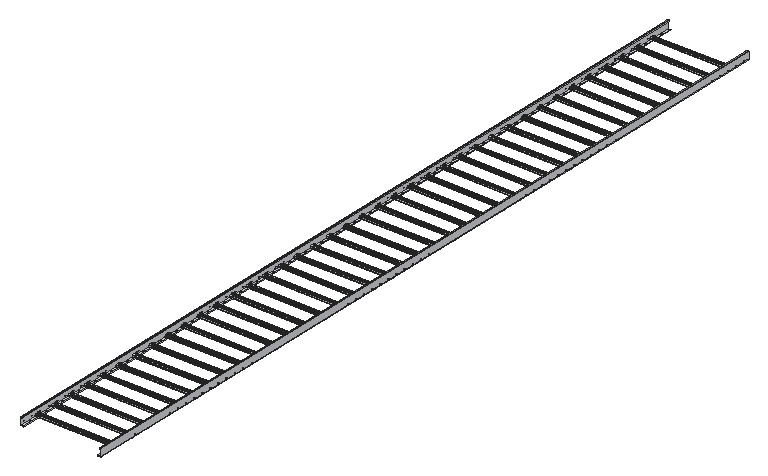
Revit family "Kabelleiter LG 60, 6 m VS FT", category Generic Models, Revit 2017 (continued)
Forms (mm)
  Extrusion 1254, void
    sketch origin (320, 0, 0) x (1, 0, 0) y (0, 1, 0)
      loop
        line (75.5, 308.5) -> (75.5, 291.5) -> (82.5, 291.5) -> (82.5, 308.5) -> (75.5, 308.5)
    from 1.5 to 3
  Extrusion 1255, void
    sketch origin (360, 0, 0) x (1, 0, 0) y (0, 1, 0)
      loop
        line (75.5, 308.5) -> (75.5, 291.5) -> (82.5, 291.5) -> (82.5, 308.5) -> (75.5, 308.5)
    from 1.5 to 3
  Extrusion 1256, void
    sketch origin (400, 0, 0) x (1, 0, 0) y (0, 1, 0)
      loop
        line (75.5, 308.5) -> (75.5, 291.5) -> (82.5, 291.5) -> (82.5, 308.5) -> (75.5, 308.5)
    from 1.5 to 3
  Extrusion 1257, void
    sketch origin (440, 0, 0) x (1, 0, 0) y (0, 1, 0)
      loop
        line (75.5, 308.5) -> (75.5, 291.5) -> (82.5, 291.5) -> (82.5, 308.5) -> (75.5, 308.5)
    from 1.5 to 3
  Extrusion 1258, void
    sketch origin (480, 0, 0) x (1, 0, 0) y (0, 1, 0)
      loop
        line (75.5, 308.5) -> (75.5, 291.5) -> (82.5, 291.5) -> (82.5, 308.5) -> (75.5, 308.5)
    from 1.5 to 3
Cuts and joins
  Extrusion 41, Extrusion 42, Extrusion 43, Extrusion 44, Extrusion 45, Extrusion 46, Extrusion 47, Extrusion 48, Extrusion 49, Extrusion 50, Extrusion 51, Extrusion 52, Extrusion 53, Extrusion 54, Extrusion 55, Extrusion 56, Extrusion 57, Extrusion 58, Extrusion 59, Extrusion 60, Extrusion 61, Extrusion 62, Extrusion 63, Extrusion 64, Extrusion 65, Extrusion 66, Extrusion 67, Extrusion 68, Extrusion 69, Extrusion 70, Extrusion 71, Extrusion 72, Extrusion 73, Extrusion 74, Extrusion 75, Extrusion 76, Extrusion 77, Extrusion 78, Extrusion 79, Extrusion 80, Extrusion 81, Extrusion 82, Extrusion 83, Extrusion 84, Extrusion 85, Extrusion 86, Extrusion 87, Extrusion 88, Extrusion 89, Extrusion 90, Extrusion 91, Extrusion 92, Extrusion 93, Extrusion 94, Extrusion 95, Extrusion 97, Extrusion 98, Extrusion 99, Extrusion 100, Extrusion 101, Extrusion 102, Extrusion 103, Extrusion 104, Extrusion 105, Extrusion 106, Extrusion 107, Extrusion 108, Extrusion 109, Extrusion 110, Extrusion 111, Extrusion 112, Extrusion 113, Extrusion 114, Extrusion 115, Extrusion 116, Extrusion 117, Extrusion 118, Extrusion 119, Extrusion 120, Extrusion 121, Extrusion 122, Extrusion 123, Extrusion 124, Extrusion 125, Extrusion 126, Extrusion 127, Extrusion 128, Extrusion 129, Extrusion 130, Extrusion 131, Extrusion 132, Extrusion 133, Extrusion 134, Extrusion 135, Extrusion 136, Extrusion 137, Extrusion 138, Extrusion 139, Extrusion 140, Extrusion 141, Extrusion 142, Extrusion 143, Extrusion 144, Extrusion 145, Extrusion 146, Extrusion 147, Extrusion 148, Extrusion 149, Extrusion 150, Extrusion 151, Extrusion 152, Extrusion 153, Extrusion 154, Extrusion 155, Extrusion 156, Extrusion 157, Extrusion 158, Extrusion 159, Extrusion 160, Extrusion 161, Extrusion 162, Extrusion 163, Extrusion 164, Extrusion 165, Extrusion 166, Extrusion 167, Extrusion 168, Extrusion 169, Extrusion 170, Extrusion 171, Extrusion 172, Extrusion 173, Extrusion 174, Extrusion 175, Extrusion 176, Extrusion 177, Extrusion 178, Extrusion 179, Extrusion 180, Extrusion 181, Extrusion 182, Extrusion 183, Extrusion 184, Extrusion 185, Extrusion 186, Extrusion 187, Extrusion 188, Extrusion 189, Extrusion 190, Extrusion 191, Extrusion 192, Extrusion 193, Extrusion 194, Extrusion 195, Extrusion 196, Extrusion 197, Extrusion 198, Extrusion 199, Extrusion 200, Extrusion 201, Extrusion 202, Extrusion 203, Extrusion 204, Extrusion 205, Extrusion 206, Extrusion 207, Extrusion 208, Extrusion 209, Extrusion 210, Extrusion 211, Extrusion 212, Extrusion 213, Extrusion 214, Extrusion 215, Extrusion 216, Extrusion 217, Extrusion 218, Extrusion 219, Extrusion 220, Extrusion 221, Extrusion 222, Extrusion 223, Extrusion 224, Extrusion 225, Extrusion 226, Extrusion 227, Extrusion 228, Extrusion 229, Extrusion 230, Extrusion 231, Extrusion 232, Extrusion 233, Extrusion 234, Extrusion 235, Extrusion 236, Extrusion 237, Extrusion 238, Extrusion 239, Extrusion 240, Extrusion 241, Extrusion 242, Extrusion 243, Extrusion 244, Extrusion 245, Extrusion 246, Extrusion 247, Extrusion 248, Extrusion 249, Extrusion 250, Extrusion 251, Extrusion 252, Extrusion 253, Extrusion 254, Extrusion 255, Extrusion 256, Extrusion 257, Extrusion 258, Extrusion 259, Extrusion 260, Extrusion 261, Extrusion 262, Extrusion 263, Extrusion 264, Extrusion 265, Extrusion 266, Extrusion 267, Extrusion 268, Extrusion 269, Extrusion 270, Extrusion 271, Extrusion 272, Extrusion 273, Extrusion 274, Extrusion 275, Extrusion 276, Extrusion 277, Extrusion 278, Extrusion 279, Extrusion 280, Extrusion 281 cuts Extrusion 1
  Extrusion 282, Extrusion 283, Extrusion 284, Extrusion 285, Extrusion 286, Extrusion 287, Extrusion 288, Extrusion 289, Extrusion 290, Extrusion 291, Extrusion 292, Extrusion 293, Extrusion 295, Extrusion 296, Extrusion 297, Extrusion 298, Extrusion 299, Extrusion 300, Extrusion 301, Extrusion 302, Extrusion 303, Extrusion 304, Extrusion 305, Extrusion 306, Extrusion 307 cuts Extrusion 2
  Extrusion 308, Extrusion 345, Extrusion 382, Extrusion 419, Extrusion 456, Extrusion 493, Extrusion 530, Extrusion 567, Extrusion 604, Extrusion 641, Extrusion 678, Extrusion 715, Extrusion 752, Extrusion 789, Extrusion 826, Extrusion 863, Extrusion 900, Extrusion 937, Extrusion 974, Extrusion 1011, Extrusion 1048, Extrusion 1085, Extrusion 1122, Extrusion 1159, Extrusion 1196 cuts Extrusion 4
  Extrusion 309, Extrusion 346, Extrusion 383, Extrusion 420, Extrusion 457, Extrusion 494, Extrusion 531, Extrusion 568, Extrusion 605, Extrusion 642, Extrusion 679, Extrusion 716, Extrusion 753, Extrusion 790, Extrusion 827, Extrusion 864, Extrusion 901, Extrusion 938, Extrusion 975, Extrusion 1012, Extrusion 1049, Extrusion 1086, Extrusion 1123, Extrusion 1160, Extrusion 1197 cuts Extrusion 5
  Extrusion 310, Extrusion 347, Extrusion 384, Extrusion 421, Extrusion 458, Extrusion 495, Extrusion 532, Extrusion 569, Extrusion 606, Extrusion 643, Extrusion 680, Extrusion 717, Extrusion 754, Extrusion 791, Extrusion 828, Extrusion 865, Extrusion 902, Extrusion 939, Extrusion 976, Extrusion 1013, Extrusion 1050, Extrusion 1087, Extrusion 1124, Extrusion 1161, Extrusion 1198 cuts Extrusion 6
  Extrusion 311, Extrusion 348, Extrusion 385, Extrusion 422, Extrusion 459, Extrusion 496, Extrusion 533, Extrusion 570, Extrusion 607, Extrusion 644, Extrusion 681, Extrusion 718, Extrusion 755, Extrusion 792, Extrusion 829, Extrusion 866, Extrusion 903, Extrusion 940, Extrusion 977, Extrusion 1014, Extrusion 1051, Extrusion 1088, Extrusion 1125, Extrusion 1162, Extrusion 1199 cuts Extrusion 7
  Extrusion 312, Extrusion 349, Extrusion 386, Extrusion 423, Extrusion 460, Extrusion 497, Extrusion 534, Extrusion 571, Extrusion 608, Extrusion 645, Extrusion 682, Extrusion 719, Extrusion 756, Extrusion 793, Extrusion 830, Extrusion 867, Extrusion 904, Extrusion 941, Extrusion 978, Extrusion 1015, Extrusion 1052, Extrusion 1089, Extrusion 1126, Extrusion 1163, Extrusion 1200 cuts Extrusion 8
  Extrusion 313, Extrusion 350, Extrusion 387, Extrusion 424, Extrusion 461, Extrusion 498, Extrusion 535, Extrusion 572, Extrusion 609, Extrusion 646, Extrusion 683, Extrusion 720, Extrusion 757, Extrusion 794, Extrusion 831, Extrusion 868, Extrusion 905, Extrusion 942, Extrusion 979, Extrusion 1016, Extrusion 1053, Extrusion 1090, Extrusion 1127, Extrusion 1164, Extrusion 1201 cuts Extrusion 9
  Extrusion 314, Extrusion 351, Extrusion 388, Extrusion 425, Extrusion 462, Extrusion 499, Extrusion 536, Extrusion 573, Extrusion 610, Extrusion 647, Extrusion 684, Extrusion 721, Extrusion 758, Extrusion 795, Extrusion 832, Extrusion 869, Extrusion 906, Extrusion 943, Extrusion 980, Extrusion 1017, Extrusion 1054, Extrusion 1091, Extrusion 1128, Extrusion 1165, Extrusion 1202 cuts Extrusion 10
  Extrusion 315, Extrusion 352, Extrusion 389, Extrusion 426, Extrusion 463, Extrusion 500, Extrusion 537, Extrusion 574, Extrusion 611, Extrusion 648, Extrusion 685, Extrusion 722, Extrusion 759, Extrusion 796, Extrusion 833, Extrusion 870, Extrusion 907, Extrusion 944, Extrusion 981, Extrusion 1018, Extrusion 1055, Extrusion 1092, Extrusion 1129, Extrusion 1166, Extrusion 1203 cuts Extrusion 11
  Extrusion 316, Extrusion 353, Extrusion 390, Extrusion 427, Extrusion 464, Extrusion 501, Extrusion 538, Extrusion 575, Extrusion 612, Extrusion 649, Extrusion 686, Extrusion 723, Extrusion 760, Extrusion 797, Extrusion 834, Extrusion 871, Extrusion 908, Extrusion 945, Extrusion 982, Extrusion 1019, Extrusion 1056, Extrusion 1093, Extrusion 1130, Extrusion 1167, Extrusion 1204 cuts Extrusion 12
  Extrusion 317, Extrusion 354, Extrusion 391, Extrusion 428, Extrusion 465, Extrusion 502, Extrusion 539, Extrusion 576, Extrusion 613, Extrusion 650, Extrusion 687, Extrusion 724, Extrusion 761, Extrusion 798, Extrusion 835, Extrusion 872, Extrusion 909, Extrusion 946, Extrusion 983, Extrusion 1020, Extrusion 1057, Extrusion 1094, Extrusion 1131, Extrusion 1168, Extrusion 1205 cuts Extrusion 13
  Extrusion 318, Extrusion 355, Extrusion 392, Extrusion 429, Extrusion 466, Extrusion 503, Extrusion 540, Extrusion 577, Extrusion 614, Extrusion 651, Extrusion 688, Extrusion 725, Extrusion 762, Extrusion 799, Extrusion 836, Extrusion 873, Extrusion 910, Extrusion 947, Extrusion 984, Extrusion 1021, Extrusion 1058, Extrusion 1095, Extrusion 1132, Extrusion 1169, Extrusion 1206 cuts Extrusion 14
  Extrusion 319, Extrusion 356, Extrusion 393, Extrusion 430, Extrusion 467, Extrusion 504, Extrusion 541, Extrusion 578, Extrusion 615, Extrusion 652, Extrusion 689, Extrusion 726, Extrusion 763, Extrusion 800, Extrusion 837, Extrusion 874, Extrusion 911, Extrusion 948, Extrusion 985, Extrusion 1022, Extrusion 1059, Extrusion 1096, Extrusion 1133, Extrusion 1170, Extrusion 1207 cuts Extrusion 15
  Extrusion 320, Extrusion 357, Extrusion 394, Extrusion 431, Extrusion 468, Extrusion 505, Extrusion 542, Extrusion 579, Extrusion 616, Extrusion 653, Extrusion 690, Extrusion 727, Extrusion 764, Extrusion 801, Extrusion 838, Extrusion 875, Extrusion 912, Extrusion 949, Extrusion 986, Extrusion 1023, Extrusion 1060, Extrusion 1097, Extrusion 1134, Extrusion 1171, Extrusion 1208 cuts Extrusion 16
  Extrusion 321, Extrusion 358, Extrusion 395, Extrusion 432, Extrusion 469, Extrusion 506, Extrusion 543, Extrusion 580, Extrusion 617, Extrusion 654, Extrusion 691, Extrusion 728, Extrusion 765, Extrusion 802, Extrusion 839, Extrusion 876, Extrusion 913, Extrusion 950, Extrusion 987, Extrusion 1024, Extrusion 1061, Extrusion 1098, Extrusion 1135, Extrusion 1172, Extrusion 1209 cuts Extrusion 17
  Extrusion 322, Extrusion 359, Extrusion 396, Extrusion 433, Extrusion 470, Extrusion 507, Extrusion 544, Extrusion 581, Extrusion 618, Extrusion 655, Extrusion 692, Extrusion 729, Extrusion 766, Extrusion 803, Extrusion 840, Extrusion 877, Extrusion 914, Extrusion 951, Extrusion 988, Extrusion 1025, Extrusion 1062, Extrusion 1099, Extrusion 1136, Extrusion 1173, Extrusion 1210 cuts Extrusion 18
  Extrusion 323, Extrusion 360, Extrusion 397, Extrusion 434, Extrusion 471, Extrusion 508, Extrusion 545, Extrusion 582, Extrusion 619, Extrusion 656, Extrusion 693, Extrusion 730, Extrusion 767, Extrusion 804, Extrusion 841, Extrusion 878, Extrusion 915, Extrusion 952, Extrusion 989, Extrusion 1026, Extrusion 1063, Extrusion 1100, Extrusion 1137, Extrusion 1174, Extrusion 1211 cuts Extrusion 19
  Extrusion 324, Extrusion 361, Extrusion 398, Extrusion 435, Extrusion 472, Extrusion 509, Extrusion 546, Extrusion 583, Extrusion 620, Extrusion 657, Extrusion 694, Extrusion 731, Extrusion 768, Extrusion 805, Extrusion 842, Extrusion 879, Extrusion 916, Extrusion 953, Extrusion 990, Extrusion 1027, Extrusion 1064, Extrusion 1101, Extrusion 1138, Extrusion 1175, Extrusion 1212 cuts Extrusion 20
  Extrusion 325, Extrusion 362, Extrusion 399, Extrusion 436, Extrusion 473, Extrusion 510, Extrusion 547, Extrusion 584, Extrusion 621, Extrusion 658, Extrusion 695, Extrusion 732, Extrusion 769, Extrusion 806, Extrusion 843, Extrusion 880, Extrusion 917, Extrusion 954, Extrusion 991, Extrusion 1028, Extrusion 1065, Extrusion 1102, Extrusion 1139, Extrusion 1176, Extrusion 1213 cuts Extrusion 21
  Extrusion 326, Extrusion 363, Extrusion 400, Extrusion 437, Extrusion 474, Extrusion 511, Extrusion 548, Extrusion 585, Extrusion 622, Extrusion 659, Extrusion 696, Extrusion 733, Extrusion 770, Extrusion 807, Extrusion 844, Extrusion 881, Extrusion 918, Extrusion 955, Extrusion 992, Extrusion 1029, Extrusion 1066, Extrusion 1103, Extrusion 1140, Extrusion 1177, Extrusion 1214 cuts Extrusion 22
  Extrusion 327, Extrusion 364, Extrusion 401, Extrusion 438, Extrusion 475, Extrusion 512, Extrusion 549, Extrusion 586, Extrusion 623, Extrusion 660, Extrusion 697, Extrusion 734, Extrusion 771, Extrusion 808, Extrusion 845, Extrusion 882, Extrusion 919, Extrusion 956, Extrusion 993, Extrusion 1030, Extrusion 1067, Extrusion 1104, Extrusion 1141, Extrusion 1178, Extrusion 1215 cuts Extrusion 23
  Extrusion 328, Extrusion 365, Extrusion 402, Extrusion 439, Extrusion 476, Extrusion 513, Extrusion 550, Extrusion 587, Extrusion 624, Extrusion 661, Extrusion 698, Extrusion 735, Extrusion 772, Extrusion 809, Extrusion 846, Extrusion 883, Extrusion 920, Extrusion 957, Extrusion 994, Extrusion 1031, Extrusion 1068, Extrusion 1105, Extrusion 1142, Extrusion 1179, Extrusion 1216 cuts Extrusion 24
  Extrusion 329, Extrusion 366, Extrusion 403, Extrusion 440, Extrusion 477, Extrusion 514, Extrusion 551, Extrusion 588, Extrusion 625, Extrusion 662, Extrusion 699, Extrusion 736, Extrusion 773, Extrusion 810, Extrusion 847, Extrusion 884, Extrusion 921, Extrusion 958, Extrusion 995, Extrusion 1032, Extrusion 1069, Extrusion 1106, Extrusion 1143, Extrusion 1180, Extrusion 1217 cuts Extrusion 25
  Extrusion 330, Extrusion 367, Extrusion 404, Extrusion 441, Extrusion 478, Extrusion 515, Extrusion 552, Extrusion 589, Extrusion 626, Extrusion 663, Extrusion 700, Extrusion 737, Extrusion 774, Extrusion 811, Extrusion 848, Extrusion 885, Extrusion 922, Extrusion 959, Extrusion 996, Extrusion 1033, Extrusion 1070, Extrusion 1107, Extrusion 1144, Extrusion 1181, Extrusion 1218 cuts Extrusion 26
  Extrusion 331, Extrusion 368, Extrusion 405, Extrusion 442, Extrusion 479, Extrusion 516, Extrusion 553, Extrusion 590, Extrusion 627, Extrusion 664, Extrusion 701, Extrusion 738, Extrusion 775, Extrusion 812, Extrusion 849, Extrusion 886, Extrusion 923, Extrusion 960, Extrusion 997, Extrusion 1034, Extrusion 1071, Extrusion 1108, Extrusion 1145, Extrusion 1182, Extrusion 1219 cuts Extrusion 27
  Extrusion 332, Extrusion 369, Extrusion 406, Extrusion 443, Extrusion 480, Extrusion 517, Extrusion 554, Extrusion 591, Extrusion 628, Extrusion 665, Extrusion 702, Extrusion 739, Extrusion 776, Extrusion 813, Extrusion 850, Extrusion 887, Extrusion 924, Extrusion 961, Extrusion 998, Extrusion 1035, Extrusion 1072, Extrusion 1109, Extrusion 1146, Extrusion 1183, Extrusion 1220 cuts Extrusion 28
  Extrusion 333, Extrusion 370, Extrusion 407, Extrusion 444, Extrusion 481, Extrusion 518, Extrusion 555, Extrusion 592, Extrusion 629, Extrusion 666, Extrusion 703, Extrusion 740, Extrusion 777, Extrusion 814, Extrusion 851, Extrusion 888, Extrusion 925, Extrusion 962, Extrusion 999, Extrusion 1036, Extrusion 1073, Extrusion 1110, Extrusion 1147, Extrusion 1184, Extrusion 1221 cuts Extrusion 29
  Extrusion 334, Extrusion 371, Extrusion 408, Extrusion 445, Extrusion 482, Extrusion 519, Extrusion 556, Extrusion 593, Extrusion 630, Extrusion 667, Extrusion 704, Extrusion 741, Extrusion 778, Extrusion 815, Extrusion 852, Extrusion 889, Extrusion 926, Extrusion 963, Extrusion 1000, Extrusion 1037, Extrusion 1074, Extrusion 1111, Extrusion 1148, Extrusion 1185, Extrusion 1222 cuts Extrusion 30
  Extrusion 335, Extrusion 372, Extrusion 409, Extrusion 446, Extrusion 483, Extrusion 520, Extrusion 557, Extrusion 594, Extrusion 631, Extrusion 668, Extrusion 705, Extrusion 742, Extrusion 779, Extrusion 816, Extrusion 853, Extrusion 890, Extrusion 927, Extrusion 964, Extrusion 1001, Extrusion 1038, Extrusion 1075, Extrusion 1112, Extrusion 1149, Extrusion 1186, Extrusion 1223 cuts Extrusion 31
  Extrusion 336, Extrusion 373, Extrusion 410, Extrusion 447, Extrusion 484, Extrusion 521, Extrusion 558, Extrusion 595, Extrusion 632, Extrusion 669, Extrusion 706, Extrusion 743, Extrusion 780, Extrusion 817, Extrusion 854, Extrusion 891, Extrusion 928, Extrusion 965, Extrusion 1002, Extrusion 1039, Extrusion 1076, Extrusion 1113, Extrusion 1150, Extrusion 1187, Extrusion 1224 cuts Extrusion 32
  Extrusion 337, Extrusion 374, Extrusion 411, Extrusion 448, Extrusion 485, Extrusion 522, Extrusion 559, Extrusion 596, Extrusion 633, Extrusion 670, Extrusion 707, Extrusion 744, Extrusion 781, Extrusion 818, Extrusion 855, Extrusion 892, Extrusion 929, Extrusion 966, Extrusion 1003, Extrusion 1040, Extrusion 1077, Extrusion 1114, Extrusion 1151, Extrusion 1188, Extrusion 1225 cuts Extrusion 33
  Extrusion 338, Extrusion 375, Extrusion 412, Extrusion 449, Extrusion 486, Extrusion 523, Extrusion 560, Extrusion 597, Extrusion 634, Extrusion 671, Extrusion 708, Extrusion 745, Extrusion 782, Extrusion 819, Extrusion 856, Extrusion 893, Extrusion 930, Extrusion 967, Extrusion 1004, Extrusion 1041, Extrusion 1078, Extrusion 1115, Extrusion 1152, Extrusion 1189, Extrusion 1226 cuts Extrusion 34
  Extrusion 339, Extrusion 376, Extrusion 413, Extrusion 450, Extrusion 487, Extrusion 524, Extrusion 561, Extrusion 598, Extrusion 635, Extrusion 672, Extrusion 709, Extrusion 746, Extrusion 783, Extrusion 820, Extrusion 857, Extrusion 894, Extrusion 931, Extrusion 968, Extrusion 1005, Extrusion 1042, Extrusion 1079, Extrusion 1116, Extrusion 1153, Extrusion 1190, Extrusion 1227 cuts Extrusion 35
  Extrusion 340, Extrusion 377, Extrusion 414, Extrusion 451, Extrusion 488, Extrusion 525, Extrusion 562, Extrusion 599, Extrusion 636, Extrusion 673, Extrusion 710, Extrusion 747, Extrusion 784, Extrusion 821, Extrusion 858, Extrusion 895, Extrusion 932, Extrusion 969, Extrusion 1006, Extrusion 1043, Extrusion 1080, Extrusion 1117, Extrusion 1154, Extrusion 1191, Extrusion 1228 cuts Extrusion 36
  Extrusion 341, Extrusion 378, Extrusion 415, Extrusion 452, Extrusion 489, Extrusion 526, Extrusion 563, Extrusion 600, Extrusion 637, Extrusion 674, Extrusion 711, Extrusion 748, Extrusion 785, Extrusion 822, Extrusion 859, Extrusion 896, Extrusion 933, Extrusion 970, Extrusion 1007, Extrusion 1044, Extrusion 1081, Extrusion 1118, Extrusion 1155, Extrusion 1192, Extrusion 1229 cuts Extrusion 37
  Extrusion 342, Extrusion 379, Extrusion 416, Extrusion 453, Extrusion 490, Extrusion 527, Extrusion 564, Extrusion 601, Extrusion 638, Extrusion 675, Extrusion 712, Extrusion 749, Extrusion 786, Extrusion 823, Extrusion 860, Extrusion 897, Extrusion 934, Extrusion 971, Extrusion 1008, Extrusion 1045, Extrusion 1082, Extrusion 1119, Extrusion 1156, Extrusion 1193, Extrusion 1230 cuts Extrusion 38
  Extrusion 343, Extrusion 380, Extrusion 417, Extrusion 454, Extrusion 491, Extrusion 528, Extrusion 565, Extrusion 602, Extrusion 639, Extrusion 676, Extrusion 713, Extrusion 750, Extrusion 787, Extrusion 824, Extrusion 861, Extrusion 898, Extrusion 935, Extrusion 972, Extrusion 1009, Extrusion 1046, Extrusion 1083, Extrusion 1120, Extrusion 1157, Extrusion 1194, Extrusion 1231 cuts Extrusion 39
  Extrusion 344, Extrusion 381, Extrusion 418, Extrusion 455, Extrusion 492, Extrusion 529, Extrusion 566, Extrusion 603, Extrusion 640, Extrusion 677, Extrusion 714, Extrusion 751, Extrusion 788, Extrusion 825, Extrusion 862, Extrusion 899, Extrusion 936, Extrusion 973, Extrusion 1010, Extrusion 1047, Extrusion 1084, Extrusion 1121, Extrusion 1158, Extrusion 1195, Extrusion 1232 cuts Extrusion 40
  Extrusion 1233, Extrusion 1234, Extrusion 1235, Extrusion 1236, Extrusion 1237, Extrusion 1238, Extrusion 1239, Extrusion 1240, Extrusion 1241, Extrusion 1242, Extrusion 1243, Extrusion 1244, Extrusion 1245, Extrusion 1246, Extrusion 1247, Extrusion 1248, Extrusion 1249, Extrusion 1250, Extrusion 1251, Extrusion 1252, Extrusion 1253, Extrusion 1254, Extrusion 1255, Extrusion 1256, Extrusion 1257, Extrusion 1258 cuts Extrusion 3
Dimensions and locks
  locked: plane 4 to plane 3 "Center (Left/Right)" at 600
  locked: Extrusion 1 sketch curve to Extrusion 1 sketch curve at 60.005
  locked: Extrusion 1 sketch curve to Extrusion 1 sketch curve at 27
  Extrusion 1 sketch curve to Extrusion 1 sketch curve = 8.998 mm
  locked: Extrusion 1 sketch curve to Extrusion 1 sketch curve at 1.5  (x6)
  Extrusion 1 sketch curve to Extrusion 1 sketch curve = 51.007 mm
  locked: Extrusion 1 sketch curve to Extrusion 1 sketch curve at 9.008
  locked: Extrusion 1 sketch curve to Extrusion 1 sketch curve at 11.955
  locked: Extrusion 1 sketch curve to Extrusion 1 sketch curve at 51
  Extrusion 1 sketch curve to Extrusion 1 sketch curve = 1.5 mm
  "Width": Extrusion 1 to Extrusion 1
  locked: Extrusion 1 to plane 7 at 300
  "Length": plane 1 "Center (Front/Back)" to plane 8
  locked: plane 13 to Extrusion 2 sketch curve at 17
  locked: Extrusion 2 sketch curve to Extrusion 2 sketch curve at 30
  locked: Extrusion 2 sketch curve to Extrusion 2 sketch curve at 12  (x2)
  Extrusion 2 sketch curve to Extrusion 2 sketch curve = 30 mm
  locked: Extrusion 2 sketch curve to Extrusion 2 sketch curve at 17
  locked: Extrusion 2 sketch curve to Extrusion 2 sketch curve at 6.5
  Extrusion 2 sketch curve to Extrusion 2 sketch curve = 6.5 mm
  locked: Extrusion 2 sketch curve to Extrusion 2 sketch curve at 27
  locked: plane 7 to plane 15 at 298.529
  locked: plane 20 to Extrusion 3 sketch curve at 17
  locked: Extrusion 3 sketch curve to Extrusion 3 sketch curve at 30
  locked: Extrusion 3 sketch curve to Extrusion 3 sketch curve at 12  (x2)
  Extrusion 3 sketch curve to Extrusion 3 sketch curve = 30 mm
  locked: Extrusion 3 sketch curve to Extrusion 3 sketch curve at 17
  locked: Extrusion 3 sketch curve to Extrusion 3 sketch curve at 6.5
  Extrusion 3 sketch curve to Extrusion 3 sketch curve = 6.5 mm
  locked: Extrusion 3 sketch curve to Extrusion 3 sketch curve at 27
  locked: plane 26 to Extrusion 4 sketch curve at 17
  locked: Extrusion 4 sketch curve to Extrusion 4 sketch curve at 30
  locked: Extrusion 4 sketch curve to Extrusion 4 sketch curve at 12  (x2)
  Extrusion 4 sketch curve to Extrusion 4 sketch curve = 30 mm
  locked: Extrusion 4 sketch curve to Extrusion 4 sketch curve at 17
  locked: Extrusion 4 sketch curve to Extrusion 4 sketch curve at 6.5
  Extrusion 4 sketch curve to Extrusion 4 sketch curve = 6.5 mm
  locked: Extrusion 4 sketch curve to Extrusion 4 sketch curve at 27
  locked: plane 32 to Extrusion 5 sketch curve at 17
  locked: Extrusion 5 sketch curve to Extrusion 5 sketch curve at 30
  locked: Extrusion 5 sketch curve to Extrusion 5 sketch curve at 12  (x2)
  Extrusion 5 sketch curve to Extrusion 5 sketch curve = 30 mm
  locked: Extrusion 5 sketch curve to Extrusion 5 sketch curve at 17
  locked: Extrusion 5 sketch curve to Extrusion 5 sketch curve at 6.5
  Extrusion 5 sketch curve to Extrusion 5 sketch curve = 6.5 mm
  locked: Extrusion 5 sketch curve to Extrusion 5 sketch curve at 27
  locked: plane 38 to Extrusion 6 sketch curve at 17
  locked: Extrusion 6 sketch curve to Extrusion 6 sketch curve at 30
  locked: Extrusion 6 sketch curve to Extrusion 6 sketch curve at 12  (x2)
  Extrusion 6 sketch curve to Extrusion 6 sketch curve = 30 mm
  locked: Extrusion 6 sketch curve to Extrusion 6 sketch curve at 17
  locked: Extrusion 6 sketch curve to Extrusion 6 sketch curve at 6.5
  Extrusion 6 sketch curve to Extrusion 6 sketch curve = 6.5 mm
  locked: Extrusion 6 sketch curve to Extrusion 6 sketch curve at 27
  locked: plane 44 to Extrusion 7 sketch curve at 17
  locked: Extrusion 7 sketch curve to Extrusion 7 sketch curve at 30
  locked: Extrusion 7 sketch curve to Extrusion 7 sketch curve at 12  (x2)
  Extrusion 7 sketch curve to Extrusion 7 sketch curve = 30 mm
  locked: Extrusion 7 sketch curve to Extrusion 7 sketch curve at 17
  locked: Extrusion 7 sketch curve to Extrusion 7 sketch curve at 6.5
  Extrusion 7 sketch curve to Extrusion 7 sketch curve = 6.5 mm
  locked: Extrusion 7 sketch curve to Extrusion 7 sketch curve at 27
  locked: plane 50 to Extrusion 8 sketch curve at 17
  locked: Extrusion 8 sketch curve to Extrusion 8 sketch curve at 30
  locked: Extrusion 8 sketch curve to Extrusion 8 sketch curve at 12  (x2)
  Extrusion 8 sketch curve to Extrusion 8 sketch curve = 30 mm
  locked: Extrusion 8 sketch curve to Extrusion 8 sketch curve at 17
  locked: Extrusion 8 sketch curve to Extrusion 8 sketch curve at 6.5
  Extrusion 8 sketch curve to Extrusion 8 sketch curve = 6.5 mm
  locked: Extrusion 8 sketch curve to Extrusion 8 sketch curve at 27
  locked: plane 56 to Extrusion 9 sketch curve at 17
  locked: Extrusion 9 sketch curve to Extrusion 9 sketch curve at 30
  locked: Extrusion 9 sketch curve to Extrusion 9 sketch curve at 12  (x2)
  Extrusion 9 sketch curve to Extrusion 9 sketch curve = 30 mm
  locked: Extrusion 9 sketch curve to Extrusion 9 sketch curve at 17
  locked: Extrusion 9 sketch curve to Extrusion 9 sketch curve at 6.5
  Extrusion 9 sketch curve to Extrusion 9 sketch curve = 6.5 mm
  locked: Extrusion 9 sketch curve to Extrusion 9 sketch curve at 27
  locked: plane 62 to Extrusion 10 sketch curve at 17
  locked: Extrusion 10 sketch curve to Extrusion 10 sketch curve at 30
  locked: Extrusion 10 sketch curve to Extrusion 10 sketch curve at 12  (x2)
  Extrusion 10 sketch curve to Extrusion 10 sketch curve = 30 mm
  locked: Extrusion 10 sketch curve to Extrusion 10 sketch curve at 17
  locked: Extrusion 10 sketch curve to Extrusion 10 sketch curve at 6.5
  Extrusion 10 sketch curve to Extrusion 10 sketch curve = 6.5 mm
  locked: Extrusion 10 sketch curve to Extrusion 10 sketch curve at 27
  locked: plane 68 to Extrusion 11 sketch curve at 17
  locked: Extrusion 11 sketch curve to Extrusion 11 sketch curve at 30
  locked: Extrusion 11 sketch curve to Extrusion 11 sketch curve at 12  (x2)
  Extrusion 11 sketch curve to Extrusion 11 sketch curve = 30 mm
  locked: Extrusion 11 sketch curve to Extrusion 11 sketch curve at 17
  locked: Extrusion 11 sketch curve to Extrusion 11 sketch curve at 6.5
  Extrusion 11 sketch curve to Extrusion 11 sketch curve = 6.5 mm
  locked: Extrusion 11 sketch curve to Extrusion 11 sketch curve at 27
  locked: plane 74 to Extrusion 12 sketch curve at 17
  locked: Extrusion 12 sketch curve to Extrusion 12 sketch curve at 30
  locked: Extrusion 12 sketch curve to Extrusion 12 sketch curve at 12  (x2)
  Extrusion 12 sketch curve to Extrusion 12 sketch curve = 30 mm
  locked: Extrusion 12 sketch curve to Extrusion 12 sketch curve at 17
  locked: Extrusion 12 sketch curve to Extrusion 12 sketch curve at 6.5
  Extrusion 12 sketch curve to Extrusion 12 sketch curve = 6.5 mm
  locked: Extrusion 12 sketch curve to Extrusion 12 sketch curve at 27
  locked: plane 80 to Extrusion 13 sketch curve at 17
  locked: Extrusion 13 sketch curve to Extrusion 13 sketch curve at 30
  locked: Extrusion 13 sketch curve to Extrusion 13 sketch curve at 12  (x2)
  Extrusion 13 sketch curve to Extrusion 13 sketch curve = 30 mm
  locked: Extrusion 13 sketch curve to Extrusion 13 sketch curve at 17
  locked: Extrusion 13 sketch curve to Extrusion 13 sketch curve at 6.5
  Extrusion 13 sketch curve to Extrusion 13 sketch curve = 6.5 mm
  locked: Extrusion 13 sketch curve to Extrusion 13 sketch curve at 27
  locked: plane 86 to Extrusion 14 sketch curve at 17
  locked: Extrusion 14 sketch curve to Extrusion 14 sketch curve at 30
  locked: Extrusion 14 sketch curve to Extrusion 14 sketch curve at 12  (x2)
  Extrusion 14 sketch curve to Extrusion 14 sketch curve = 30 mm
  locked: Extrusion 14 sketch curve to Extrusion 14 sketch curve at 17
  locked: Extrusion 14 sketch curve to Extrusion 14 sketch curve at 6.5
  Extrusion 14 sketch curve to Extrusion 14 sketch curve = 6.5 mm
  locked: Extrusion 14 sketch curve to Extrusion 14 sketch curve at 27
  locked: plane 92 to Extrusion 15 sketch curve at 17
  locked: Extrusion 15 sketch curve to Extrusion 15 sketch curve at 30
  locked: Extrusion 15 sketch curve to Extrusion 15 sketch curve at 12  (x2)
  Extrusion 15 sketch curve to Extrusion 15 sketch curve = 30 mm
  locked: Extrusion 15 sketch curve to Extrusion 15 sketch curve at 17
  locked: Extrusion 15 sketch curve to Extrusion 15 sketch curve at 6.5
  Extrusion 15 sketch curve to Extrusion 15 sketch curve = 6.5 mm
  locked: Extrusion 15 sketch curve to Extrusion 15 sketch curve at 27
  locked: plane 98 to Extrusion 16 sketch curve at 17
  locked: Extrusion 16 sketch curve to Extrusion 16 sketch curve at 30
  locked: Extrusion 16 sketch curve to Extrusion 16 sketch curve at 12  (x2)
  Extrusion 16 sketch curve to Extrusion 16 sketch curve = 30 mm
  locked: Extrusion 16 sketch curve to Extrusion 16 sketch curve at 17
  locked: Extrusion 16 sketch curve to Extrusion 16 sketch curve at 6.5
  Extrusion 16 sketch curve to Extrusion 16 sketch curve = 6.5 mm
  locked: Extrusion 16 sketch curve to Extrusion 16 sketch curve at 27
  locked: plane 104 to Extrusion 17 sketch curve at 17
  locked: Extrusion 17 sketch curve to Extrusion 17 sketch curve at 30
  locked: Extrusion 17 sketch curve to Extrusion 17 sketch curve at 12  (x2)
  Extrusion 17 sketch curve to Extrusion 17 sketch curve = 30 mm
  locked: Extrusion 17 sketch curve to Extrusion 17 sketch curve at 17
  locked: Extrusion 17 sketch curve to Extrusion 17 sketch curve at 6.5
  Extrusion 17 sketch curve to Extrusion 17 sketch curve = 6.5 mm
  locked: Extrusion 17 sketch curve to Extrusion 17 sketch curve at 27
  locked: plane 110 to Extrusion 18 sketch curve at 17
  locked: Extrusion 18 sketch curve to Extrusion 18 sketch curve at 30
  locked: Extrusion 18 sketch curve to Extrusion 18 sketch curve at 12  (x2)
  Extrusion 18 sketch curve to Extrusion 18 sketch curve = 30 mm
  locked: Extrusion 18 sketch curve to Extrusion 18 sketch curve at 17
  locked: Extrusion 18 sketch curve to Extrusion 18 sketch curve at 6.5
  Extrusion 18 sketch curve to Extrusion 18 sketch curve = 6.5 mm
  locked: Extrusion 18 sketch curve to Extrusion 18 sketch curve at 27
  locked: plane 116 to Extrusion 19 sketch curve at 17
  locked: Extrusion 19 sketch curve to Extrusion 19 sketch curve at 30
  locked: Extrusion 19 sketch curve to Extrusion 19 sketch curve at 12  (x2)
  Extrusion 19 sketch curve to Extrusion 19 sketch curve = 30 mm
  locked: Extrusion 19 sketch curve to Extrusion 19 sketch curve at 17
  locked: Extrusion 19 sketch curve to Extrusion 19 sketch curve at 6.5
  Extrusion 19 sketch curve to Extrusion 19 sketch curve = 6.5 mm
  locked: Extrusion 19 sketch curve to Extrusion 19 sketch curve at 27
  locked: plane 122 to Extrusion 20 sketch curve at 17
  locked: Extrusion 20 sketch curve to Extrusion 20 sketch curve at 30
  locked: Extrusion 20 sketch curve to Extrusion 20 sketch curve at 12  (x2)
  Extrusion 20 sketch curve to Extrusion 20 sketch curve = 30 mm
  locked: Extrusion 20 sketch curve to Extrusion 20 sketch curve at 17
  locked: Extrusion 20 sketch curve to Extrusion 20 sketch curve at 6.5
  Extrusion 20 sketch curve to Extrusion 20 sketch curve = 6.5 mm
  locked: Extrusion 20 sketch curve to Extrusion 20 sketch curve at 27
  locked: plane 128 to Extrusion 21 sketch curve at 17
  locked: Extrusion 21 sketch curve to Extrusion 21 sketch curve at 30
  locked: Extrusion 21 sketch curve to Extrusion 21 sketch curve at 12  (x2)
  Extrusion 21 sketch curve to Extrusion 21 sketch curve = 30 mm
  locked: Extrusion 21 sketch curve to Extrusion 21 sketch curve at 17
  locked: Extrusion 21 sketch curve to Extrusion 21 sketch curve at 6.5
  Extrusion 21 sketch curve to Extrusion 21 sketch curve = 6.5 mm
  locked: Extrusion 21 sketch curve to Extrusion 21 sketch curve at 27
  locked: plane 134 to Extrusion 22 sketch curve at 17
  locked: Extrusion 22 sketch curve to Extrusion 22 sketch curve at 30
  locked: Extrusion 22 sketch curve to Extrusion 22 sketch curve at 12  (x2)
  Extrusion 22 sketch curve to Extrusion 22 sketch curve = 30 mm
  locked: Extrusion 22 sketch curve to Extrusion 22 sketch curve at 17
  locked: Extrusion 22 sketch curve to Extrusion 22 sketch curve at 6.5
  Extrusion 22 sketch curve to Extrusion 22 sketch curve = 6.5 mm
  locked: Extrusion 22 sketch curve to Extrusion 22 sketch curve at 27
  locked: plane 140 to Extrusion 23 sketch curve at 17
  locked: Extrusion 23 sketch curve to Extrusion 23 sketch curve at 30
  locked: Extrusion 23 sketch curve to Extrusion 23 sketch curve at 12  (x2)
  Extrusion 23 sketch curve to Extrusion 23 sketch curve = 30 mm
  locked: Extrusion 23 sketch curve to Extrusion 23 sketch curve at 17
  locked: Extrusion 23 sketch curve to Extrusion 23 sketch curve at 6.5
  Extrusion 23 sketch curve to Extrusion 23 sketch curve = 6.5 mm
  locked: Extrusion 23 sketch curve to Extrusion 23 sketch curve at 27
  locked: plane 146 to Extrusion 24 sketch curve at 17
  locked: Extrusion 24 sketch curve to Extrusion 24 sketch curve at 30
  locked: Extrusion 24 sketch curve to Extrusion 24 sketch curve at 12  (x2)
  Extrusion 24 sketch curve to Extrusion 24 sketch curve = 30 mm
  locked: Extrusion 24 sketch curve to Extrusion 24 sketch curve at 17
  locked: Extrusion 24 sketch curve to Extrusion 24 sketch curve at 6.5
  Extrusion 24 sketch curve to Extrusion 24 sketch curve = 6.5 mm
  locked: Extrusion 24 sketch curve to Extrusion 24 sketch curve at 27
  locked: plane 152 to Extrusion 25 sketch curve at 17
  locked: Extrusion 25 sketch curve to Extrusion 25 sketch curve at 30
  locked: Extrusion 25 sketch curve to Extrusion 25 sketch curve at 12  (x2)
  Extrusion 25 sketch curve to Extrusion 25 sketch curve = 30 mm
  locked: Extrusion 25 sketch curve to Extrusion 25 sketch curve at 17
  locked: Extrusion 25 sketch curve to Extrusion 25 sketch curve at 6.5
  Extrusion 25 sketch curve to Extrusion 25 sketch curve = 6.5 mm
  locked: Extrusion 25 sketch curve to Extrusion 25 sketch curve at 27
  locked: plane 158 to Extrusion 26 sketch curve at 17
  locked: Extrusion 26 sketch curve to Extrusion 26 sketch curve at 30
  locked: Extrusion 26 sketch curve to Extrusion 26 sketch curve at 12  (x2)
  Extrusion 26 sketch curve to Extrusion 26 sketch curve = 30 mm
  locked: Extrusion 26 sketch curve to Extrusion 26 sketch curve at 17
  locked: Extrusion 26 sketch curve to Extrusion 26 sketch curve at 6.5
  Extrusion 26 sketch curve to Extrusion 26 sketch curve = 6.5 mm
  locked: Extrusion 26 sketch curve to Extrusion 26 sketch curve at 27
  locked: plane 164 to Extrusion 27 sketch curve at 17
  locked: Extrusion 27 sketch curve to Extrusion 27 sketch curve at 30
  locked: Extrusion 27 sketch curve to Extrusion 27 sketch curve at 12  (x2)
  Extrusion 27 sketch curve to Extrusion 27 sketch curve = 30 mm
  locked: Extrusion 27 sketch curve to Extrusion 27 sketch curve at 17
  locked: Extrusion 27 sketch curve to Extrusion 27 sketch curve at 6.5
  Extrusion 27 sketch curve to Extrusion 27 sketch curve = 6.5 mm
  locked: Extrusion 27 sketch curve to Extrusion 27 sketch curve at 27
  locked: plane 170 to Extrusion 28 sketch curve at 17
  locked: Extrusion 28 sketch curve to Extrusion 28 sketch curve at 30
  locked: Extrusion 28 sketch curve to Extrusion 28 sketch curve at 12  (x2)
  Extrusion 28 sketch curve to Extrusion 28 sketch curve = 30 mm
  locked: Extrusion 28 sketch curve to Extrusion 28 sketch curve at 17
  locked: Extrusion 28 sketch curve to Extrusion 28 sketch curve at 6.5
  Extrusion 28 sketch curve to Extrusion 28 sketch curve = 6.5 mm
  locked: Extrusion 28 sketch curve to Extrusion 28 sketch curve at 27
  locked: plane 176 to Extrusion 29 sketch curve at 17
  locked: Extrusion 29 sketch curve to Extrusion 29 sketch curve at 30
  locked: Extrusion 29 sketch curve to Extrusion 29 sketch curve at 12  (x2)
  Extrusion 29 sketch curve to Extrusion 29 sketch curve = 30 mm
  locked: Extrusion 29 sketch curve to Extrusion 29 sketch curve at 17
  locked: Extrusion 29 sketch curve to Extrusion 29 sketch curve at 6.5
  Extrusion 29 sketch curve to Extrusion 29 sketch curve = 6.5 mm
  locked: Extrusion 29 sketch curve to Extrusion 29 sketch curve at 27
  locked: plane 182 to Extrusion 30 sketch curve at 17
  locked: Extrusion 30 sketch curve to Extrusion 30 sketch curve at 30
  locked: Extrusion 30 sketch curve to Extrusion 30 sketch curve at 12  (x2)
  Extrusion 30 sketch curve to Extrusion 30 sketch curve = 30 mm
  locked: Extrusion 30 sketch curve to Extrusion 30 sketch curve at 17
  locked: Extrusion 30 sketch curve to Extrusion 30 sketch curve at 6.5
  Extrusion 30 sketch curve to Extrusion 30 sketch curve = 6.5 mm
  locked: Extrusion 30 sketch curve to Extrusion 30 sketch curve at 27
  locked: plane 188 to Extrusion 31 sketch curve at 17
  locked: Extrusion 31 sketch curve to Extrusion 31 sketch curve at 30
  locked: Extrusion 31 sketch curve to Extrusion 31 sketch curve at 12  (x2)
  Extrusion 31 sketch curve to Extrusion 31 sketch curve = 30 mm
  locked: Extrusion 31 sketch curve to Extrusion 31 sketch curve at 17
  locked: Extrusion 31 sketch curve to Extrusion 31 sketch curve at 6.5
  Extrusion 31 sketch curve to Extrusion 31 sketch curve = 6.5 mm
  locked: Extrusion 31 sketch curve to Extrusion 31 sketch curve at 27
  locked: plane 194 to Extrusion 32 sketch curve at 17
  locked: Extrusion 32 sketch curve to Extrusion 32 sketch curve at 30
  locked: Extrusion 32 sketch curve to Extrusion 32 sketch curve at 12  (x2)
  Extrusion 32 sketch curve to Extrusion 32 sketch curve = 30 mm
  locked: Extrusion 32 sketch curve to Extrusion 32 sketch curve at 17
  locked: Extrusion 32 sketch curve to Extrusion 32 sketch curve at 6.5
  Extrusion 32 sketch curve to Extrusion 32 sketch curve = 6.5 mm
  locked: Extrusion 32 sketch curve to Extrusion 32 sketch curve at 27
  locked: plane 200 to Extrusion 33 sketch curve at 17
  locked: Extrusion 33 sketch curve to Extrusion 33 sketch curve at 30
  locked: Extrusion 33 sketch curve to Extrusion 33 sketch curve at 12  (x2)
  Extrusion 33 sketch curve to Extrusion 33 sketch curve = 30 mm
  locked: Extrusion 33 sketch curve to Extrusion 33 sketch curve at 17
  locked: Extrusion 33 sketch curve to Extrusion 33 sketch curve at 6.5
  Extrusion 33 sketch curve to Extrusion 33 sketch curve = 6.5 mm
  locked: Extrusion 33 sketch curve to Extrusion 33 sketch curve at 27
  locked: plane 206 to Extrusion 34 sketch curve at 17
  locked: Extrusion 34 sketch curve to Extrusion 34 sketch curve at 30
  locked: Extrusion 34 sketch curve to Extrusion 34 sketch curve at 12  (x2)
  Extrusion 34 sketch curve to Extrusion 34 sketch curve = 30 mm
  locked: Extrusion 34 sketch curve to Extrusion 34 sketch curve at 17
  locked: Extrusion 34 sketch curve to Extrusion 34 sketch curve at 6.5
  Extrusion 34 sketch curve to Extrusion 34 sketch curve = 6.5 mm
  locked: Extrusion 34 sketch curve to Extrusion 34 sketch curve at 27
  locked: plane 212 to Extrusion 35 sketch curve at 17
  locked: Extrusion 35 sketch curve to Extrusion 35 sketch curve at 30
  locked: Extrusion 35 sketch curve to Extrusion 35 sketch curve at 12  (x2)
  Extrusion 35 sketch curve to Extrusion 35 sketch curve = 30 mm
  locked: Extrusion 35 sketch curve to Extrusion 35 sketch curve at 17
  locked: Extrusion 35 sketch curve to Extrusion 35 sketch curve at 6.5
  Extrusion 35 sketch curve to Extrusion 35 sketch curve = 6.5 mm
  locked: Extrusion 35 sketch curve to Extrusion 35 sketch curve at 27
  locked: plane 218 to Extrusion 36 sketch curve at 17
  locked: Extrusion 36 sketch curve to Extrusion 36 sketch curve at 30
  locked: Extrusion 36 sketch curve to Extrusion 36 sketch curve at 12  (x2)
  Extrusion 36 sketch curve to Extrusion 36 sketch curve = 30 mm
  locked: Extrusion 36 sketch curve to Extrusion 36 sketch curve at 17
  locked: Extrusion 36 sketch curve to Extrusion 36 sketch curve at 6.5
  Extrusion 36 sketch curve to Extrusion 36 sketch curve = 6.5 mm
  locked: Extrusion 36 sketch curve to Extrusion 36 sketch curve at 27
  locked: plane 224 to Extrusion 37 sketch curve at 17
  locked: Extrusion 37 sketch curve to Extrusion 37 sketch curve at 30
  locked: Extrusion 37 sketch curve to Extrusion 37 sketch curve at 12  (x2)
  Extrusion 37 sketch curve to Extrusion 37 sketch curve = 30 mm
  locked: Extrusion 37 sketch curve to Extrusion 37 sketch curve at 17
  locked: Extrusion 37 sketch curve to Extrusion 37 sketch curve at 6.5
  Extrusion 37 sketch curve to Extrusion 37 sketch curve = 6.5 mm
  locked: Extrusion 37 sketch curve to Extrusion 37 sketch curve at 27
  locked: plane 230 to Extrusion 38 sketch curve at 17
  locked: Extrusion 38 sketch curve to Extrusion 38 sketch curve at 30
  locked: Extrusion 38 sketch curve to Extrusion 38 sketch curve at 12  (x2)
  Extrusion 38 sketch curve to Extrusion 38 sketch curve = 30 mm
  locked: Extrusion 38 sketch curve to Extrusion 38 sketch curve at 17
  locked: Extrusion 38 sketch curve to Extrusion 38 sketch curve at 6.5
  Extrusion 38 sketch curve to Extrusion 38 sketch curve = 6.5 mm
  locked: Extrusion 38 sketch curve to Extrusion 38 sketch curve at 27
  locked: plane 236 to Extrusion 39 sketch curve at 17
  locked: Extrusion 39 sketch curve to Extrusion 39 sketch curve at 30
  locked: Extrusion 39 sketch curve to Extrusion 39 sketch curve at 12  (x2)
  Extrusion 39 sketch curve to Extrusion 39 sketch curve = 30 mm
  locked: Extrusion 39 sketch curve to Extrusion 39 sketch curve at 17
  locked: Extrusion 39 sketch curve to Extrusion 39 sketch curve at 6.5
  Extrusion 39 sketch curve to Extrusion 39 sketch curve = 6.5 mm
  locked: Extrusion 39 sketch curve to Extrusion 39 sketch curve at 27
  locked: plane 242 to Extrusion 40 sketch curve at 17
  locked: Extrusion 40 sketch curve to Extrusion 40 sketch curve at 30
  locked: Extrusion 40 sketch curve to Extrusion 40 sketch curve at 12  (x2)
  Extrusion 40 sketch curve to Extrusion 40 sketch curve = 30 mm
  locked: Extrusion 40 sketch curve to Extrusion 40 sketch curve at 17
  locked: Extrusion 40 sketch curve to Extrusion 40 sketch curve at 6.5
  Extrusion 40 sketch curve to Extrusion 40 sketch curve = 6.5 mm
  locked: Extrusion 40 sketch curve to Extrusion 40 sketch curve at 27
  locked: plane 245 to Extrusion 41 sketch curve at 4.5
  locked: plane 245 to Extrusion 41 sketch curve at 0
  locked: cut or joined group 1 (Extrusion 1, Extrusion 41, Extrusion 42, Extrusion 43, Extrusion 44, Extrusion 45, Extrusion 46, Extrusion 47, Extrusion 48, Extrusion 49, Extrusion 50, Extrusion 51, Extrusion 52, Extrusion 53, Extrusion 54, Extrusion 55, Extrusion 56, Extrusion 57, Extrusion 58, Extrusion 59, Extrusion 60, Extrusion 61, Extrusion 62, Extrusion 63, Extrusion 64, Extrusion 65, Extrusion 66, Extrusion 67, Extrusion 68, Extrusion 69, Extrusion 70, Extrusion 71, Extrusion 72, Extrusion 73, Extrusion 74, Extrusion 75, Extrusion 76, Extrusion 77, Extrusion 78, Extrusion 79, Extrusion 80, Extrusion 81, Extrusion 82, Extrusion 83, Extrusion 84, Extrusion 85, Extrusion 86, Extrusion 87, Extrusion 88, Extrusion 89, Extrusion 90, Extrusion 91, Extrusion 92, Extrusion 93, Extrusion 94, Extrusion 95, Extrusion 97, Extrusion 98, Extrusion 99, Extrusion 100, Extrusion 101, Extrusion 102, Extrusion 103, Extrusion 104, Extrusion 105, Extrusion 106, Extrusion 107, Extrusion 108, Extrusion 109, Extrusion 110, Extrusion 111, Extrusion 112, Extrusion 113, Extrusion 114, Extrusion 115, Extrusion 116, Extrusion 117, Extrusion 118, Extrusion 119, Extrusion 120, Extrusion 121, Extrusion 122, Extrusion 123, Extrusion 124, Extrusion 125, Extrusion 126, Extrusion 127, Extrusion 128, Extrusion 129, Extrusion 130, Extrusion 131, Extrusion 132, Extrusion 133, Extrusion 134, Extrusion 135, Extrusion 136, Extrusion 137, Extrusion 138, Extrusion 139, Extrusion 140, Extrusion 141, Extrusion 142, Extrusion 143, Extrusion 144, Extrusion 145, Extrusion 146, Extrusion 147, Extrusion 148, Extrusion 149, Extrusion 150, Extrusion 151, Extrusion 152, Extrusion 153, Extrusion 154, Extrusion 155, Extrusion 156, Extrusion 157, Extrusion 158, Extrusion 159, Extrusion 160, Extrusion 161, Extrusion 162, Extrusion 163, Extrusion 164, Extrusion 165, Extrusion 166, Extrusion 167, Extrusion 168, Extrusion 169, Extrusion 170, Extrusion 171, Extrusion 172, Extrusion 173, Extrusion 174, Extrusion 175, Extrusion 176, Extrusion 177, Extrusion 178, Extrusion 179, Extrusion 180, Extrusion 181, Extrusion 182, Extrusion 183, Extrusion 184, Extrusion 185, Extrusion 186, Extrusion 187, Extrusion 188, Extrusion 189, Extrusion 190, Extrusion 191, Extrusion 192, Extrusion 193, Extrusion 194, Extrusion 195, Extrusion 196, Extrusion 197, Extrusion 198, Extrusion 199, Extrusion 200, Extrusion 201, Extrusion 202, Extrusion 203, Extrusion 204, Extrusion 205, Extrusion 206, Extrusion 207, Extrusion 208, Extrusion 209, Extrusion 210, Extrusion 211, Extrusion 212, Extrusion 213, Extrusion 214, Extrusion 215, Extrusion 216, Extrusion 217, Extrusion 218, Extrusion 219, Extrusion 220, Extrusion 221, Extrusion 222, Extrusion 223, Extrusion 224, Extrusion 225, Extrusion 226, Extrusion 227, Extrusion 228, Extrusion 229, Extrusion 230, Extrusion 231, Extrusion 232, Extrusion 233, Extrusion 234, Extrusion 235, Extrusion 236, Extrusion 237, Extrusion 238, Extrusion 239, Extrusion 240, Extrusion 241, Extrusion 242, Extrusion 243, Extrusion 244, Extrusion 245, Extrusion 246, Extrusion 247, Extrusion 248, Extrusion 249, Extrusion 250, Extrusion 251, Extrusion 252, Extrusion 253, Extrusion 254, Extrusion 255, Extrusion 256, Extrusion 257, Extrusion 258, Extrusion 259, Extrusion 260, Extrusion 261, Extrusion 262, Extrusion 263, Extrusion 264, Extrusion 265, Extrusion 266, Extrusion 267, Extrusion 268, Extrusion 269, Extrusion 270, Extrusion 271, Extrusion 272, Extrusion 273, Extrusion 274, Extrusion 275, Extrusion 276, Extrusion 277, Extrusion 278, Extrusion 279, Extrusion 280, Extrusion 281) to cut or joined group 1 at 6
  locked: plane 247 to Extrusion 42 sketch curve at 4.5
  locked: plane 247 to Extrusion 42 sketch curve at 0
  locked: plane 1 "Center (Front/Back)" to plane 248 at 75
  locked: cut or joined group 1 to plane 250 at 26.966
  locked: plane 249 to plane 250 at 16.5
  locked: plane 249 to Extrusion 43 sketch curve at 0
  locked: plane 249 to Extrusion 43 sketch curve at 4.5
  cut or joined group 1 to Extrusion 43 sketch curve = 5.966 mm
  locked: plane 252 to Extrusion 44 sketch curve at 4.5
  locked: plane 252 to Extrusion 44 sketch curve at 0
  locked: plane 254 to Extrusion 45 sketch curve at 4.5
  locked: plane 254 to Extrusion 45 sketch curve at 0
  locked: plane 256 to Extrusion 46 sketch curve at 4.5
  locked: plane 256 to Extrusion 46 sketch curve at 0
  locked: plane 258 to Extrusion 47 sketch curve at 4.5
  locked: plane 258 to Extrusion 47 sketch curve at 0
  locked: plane 260 to Extrusion 48 sketch curve at 4.5
  locked: plane 260 to Extrusion 48 sketch curve at 0
  locked: plane 262 to Extrusion 49 sketch curve at 4.5
  locked: plane 262 to Extrusion 49 sketch curve at 0
  locked: plane 264 to Extrusion 50 sketch curve at 4.5
  locked: plane 264 to Extrusion 50 sketch curve at 0
  locked: plane 266 to Extrusion 51 sketch curve at 4.5
  locked: plane 266 to Extrusion 51 sketch curve at 0
  locked: plane 268 to Extrusion 52 sketch curve at 4.5
